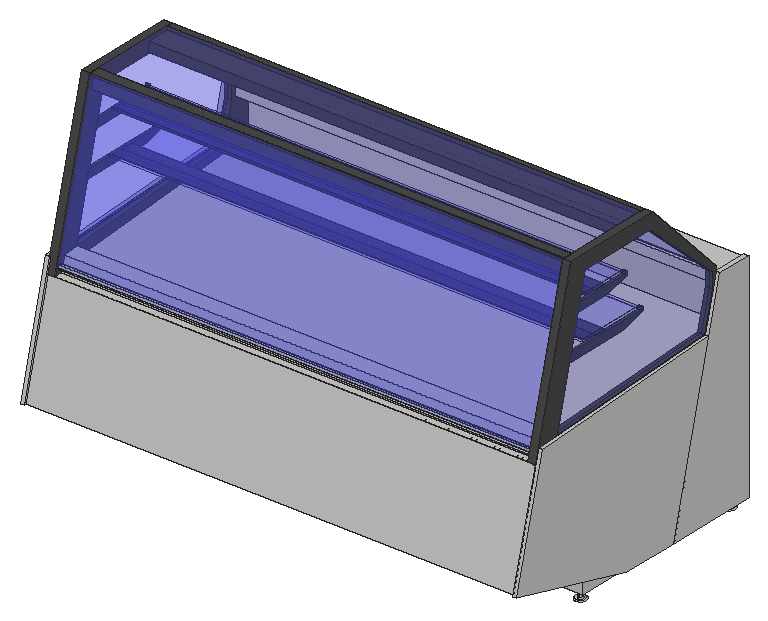
Revit family "Food-Service-Equipment_Oscartek_Mc2150-54H_cat", category Specialty Equipment, Revit 2026
Family settings
  Round Connector Dimension = Use Diameter
  Part Type = Normal
  Classification Number = 23.40.40.11.17
  Work Plane-Based = No
  Enable Cutting in Views = No
  Always vertical = Yes
  Cut with Voids When Loaded = No
  Maintain Annotation Orientation = No
  Shared = No
  Room Calculation Point = No
Parameters
  Width = 86 1/4"  # constant formula
  Weight in Pounds = 992
  Watts = 1490 W
  Waste Water Discharge Temperature [instance] = -459.67 °F
  Volts = 230 V
  URL Cutsheet = "www.oscartek.com"
  URL = "www.oscartek.com"
  Type Mark [instance] = ""
  Type Comments = "As Specified"
  Test Data = "http://www.oscartek.com/company/clients.php"
  Status [instance] = ""
  Specification by User [instance] = ""
  Specification by Manufacturer = ""
  Specification = "https://www.arcat.com/arcatcos/cos48/arc48760.html"
  Show Clearance [instance] = yes
  Serial Number = ""
  Seismic Rating = ""
  Sales Information = "http://www.oscartek.com/company/contact.php"
  SMACNA No = ""
  Revision Code [instance] = ""
  Revision = "R1_2018-10"
  Refrigerant Type [instance] = "R404A"
  Product Data = "http://www.oscartek.com/support/manuals/"
  Plumbing Remarks [instance] = ""
  Plumbing Connection Type [instance] = ""
  Phase = 1
  Omniclass Number and Title = ""
  Number of Poles [instance] = 1
  NAFEM Spec ID Number = ""
  Model = "MC2150-54H"
  Min Ckt Ampacity = 0 A
  Max Overcurrent Protection = 0 A
  Masterspec = ""
  Manufacturer Website = "http://www.oscartek.com/index.php"
  Manufacturer Phone - Toll Free = "855-885-2400"
  Manufacturer Phone = "650-342-2400"
  Manufacturer Fax = "650-342-7400"
  Manufacturer Address = "361 Beach Rd., Burlingame, CA 94010"
  Manufacturer = "OSCARTEK"
  Light Length = Width - 4"  # 82 1/4"
  Item Number [instance] = ""
  Installed By [instance] = ""
  Installation-Fabrication = "http://www.oscartek.com/support/manuals/"
  Indirect Waste Size = 1"
  Indirect Waste Flow [instance] = 0 GPM
  Indirect Waste Connection Type [instance] = ""
  Indirect Waste Connection Height = 0"
  Identify Quantity as Lot [instance] = yes
  HP = ""
  Green Building-LEED = "https://www.arcat.com/green/green_building.shtml"
  Furnished By [instance] = ""
  Foodservice Equipment Identifier [instance] = yes
  FL Amps = 9 A
  Electrical Remarks [instance] = ""
  Electric Connection Type [instance] = ""
  Elec Conn RI Height [instance] = 0"
  Elec Conn Connection Height [instance] = 0"
  Drawn By = "Sumex Design, Inc. / Robert S. Weygant, CSI, CDT, SCIP"
  Description = "METRO CHOCOLATE SHOWCASES"
  Default Elevation = 0"
  Cycle = 50 Hz
  Copyright = "©Arcat Inc."
  Construction Details = "http://www.oscartek.com/support/manuals/"
  Conn Plug = ""
  Conn Conduit = yes
  Category = ""
  CSI MasterFormat = "11 41 13"
  CSI Master Format = "Refrigerated Food Storage Cases"
  Building Codes = "https://www.arcat.com/arcatcos/cos48/arc48760.html"
  Body Finish [instance] = QF_Finishes_Stainless Steel
  Apparent Power = if(Phase = 3, Volts * FL Amps * 1.73, Volts * FL Amps)  # 2070 VA
Reference planes (in)
  plane 1 "BACK": y = 0
  plane 2: z = 0
  plane 3 "LEFT": x = 0
  plane 4 "RIGHT": x = 86.25
  plane 5 "FRONT": y = -49.75
  plane 6 "TOP": z = 47.244
  plane 7 "Center Y": x = 43.125
  plane 8 "Center X": y = -24.875
  plane 9: z = 16.58116
  plane 10 "TOP A": z = 54.25
Forms (in)
  Extrusion 1, solid, material "QF_Finishes_Stainless Steel"
    sketch origin (0, 0, 0) x (0, 1, 0) y (0, 0, 1)
      loop
        line (0, 38.99735) -> (-6.11858, 38.99735) -> (-16.20729, 1.34458) -> (0, 1.34458) -> (0, 38.99735)
    from 0 to 0.75
  Extrusion 2, solid, material "QF_Finishes_Stainless Steel" <- "Body Finish"
    sketch origin (0, 0, 0) x (0, 1, 0) y (0, 0, 1)
      loop
        line (-16.20729, 1.34458) -> (-8.47608, 30.19876) -> (-44.60919, 28.40118) -> (-50.14888, 7.72841) -> (-26.3241, 1.34458) -> (-16.20729, 1.34458)
    from 0 to 0.75
  Extrusion 3, solid, material "QF_Finishes_Stainless Steel"
    sketch origin (0, 0, 0) x (0, 1, 0) y (0, 0, 1)
      loop
        line (-6.11858, 36.97167) -> (-3.33467, 36.97167) -> (-3.33467, 29.46826) -> (-40.27721, 26.71254) -> (-40.27721, 28.69467) -> (-43.12382, 28.54549) -> (-43.46341, 27.27811) -> (-44.46186, 27.54564) -> (-44.56375, 27.16536) -> (-44.71783, 27.20664) -> (-44.76921, 27.01488) -> (-43.61669, 26.70607) -> (-43.79819, 26.0287) -> (-45.19127, 26.0287) -> (-45.19127, 25.96965) -> (-44.72462, 25.96965) -> (-49.56669, 7.89882) -> (-43.6615, 7.89882) -> (-43.6615, 11.12322) -> (-41.92927, 11.12322) -> (-41.92927, 12.59823) -> (-34.97119, 12.59823) -> (-34.97119, 1.34458) -> (-0.94097, 1.34458) -> (-0.94097, 37.64529) -> (-0.24019, 37.64529) -> (-0.24019, 38.78269) -> (-6.11858, 38.78269) -> (-6.11858, 36.97167)
    from 0.75 to 85.5
  Extrusion 4, solid, material "QF_Finishes_Stainless Steel"
    sketch origin (86.25, 0, 0) x (0, 1, 0) y (0, 0, 1)
      loop
        line (0, 38.99735) -> (-6.11858, 38.99735) -> (-16.20729, 1.34458) -> (0, 1.34458) -> (0, 38.99735)
    from 0 to -0.75
  Extrusion 5, solid, material "QF_Finishes_Stainless Steel" <- "Body Finish"
    sketch origin (86.25, 0, 0) x (0, 1, 0) y (0, 0, 1)
      loop
        line (-16.20729, 1.34458) -> (-8.47608, 30.19876) -> (-44.60919, 28.40118) -> (-50.14888, 7.72841) -> (-26.3241, 1.34458) -> (-16.20729, 1.34458)
    from 0 to -0.75
  Extrusion 6, solid, material "QF_Finishes_Stainless Steel" <- "Body Finish"
    sketch origin (0, 0, 0) x (0, 1, 0) y (0, 0, 1)
      loop
        line (-49.56669, 7.89882) -> (-44.72462, 25.96965) -> (-45.13221, 25.96965) -> (-49.97428, 7.89882) -> (-49.56669, 7.89882)
    from 0.75 to 85.5
  Extrusion 7, solid, material "QF_Finishes_Black"
    sketch origin (0, 0, 0) x (0, 1, 0) y (0, 0, 1)
      loop
        line (-6.11858, 39.87548) -> (-19.88089, 54.33043) -> (-37.66092, 54.33043) -> (-45.24495, 26.0287) -> (-43.79819, 26.0287) -> (-43.68303, 26.45848) -> (-3.33467, 29.46826) -> (-3.33467, 36.97167) -> (-6.11858, 36.97167) -> (-6.11858, 39.87548)
      loop
        line (-34.48144, 51.732) -> (-40.68031, 28.59664) -> (-8.47608, 30.19876) -> (-6.77561, 36.54521) -> (-6.77561, 39.23428) -> (-20.32999, 51.732) -> (-34.48144, 51.732)
    from 0.75 to 2
  Extrusion 8, solid, material "QF_Finishes_Black"
    sketch origin (86.25, 0, 0) x (0, 1, 0) y (0, 0, 1)
      loop
        line (-37.66092, 54.33043) -> (-45.24495, 26.0287) -> (-43.79819, 26.0287) -> (-43.68303, 26.45848) -> (-3.33467, 29.46826) -> (-3.33467, 36.97167) -> (-6.11858, 36.97167) -> (-6.11858, 39.87548) -> (-19.88089, 54.33043) -> (-37.66092, 54.33043)
      loop
        line (-40.68031, 28.59664) -> (-8.47608, 30.19876) -> (-6.77561, 36.54521) -> (-6.77561, 39.23428) -> (-20.32999, 51.732) -> (-34.48144, 51.732) -> (-40.68031, 28.59664)
    from -0.75 to -2
  Extrusion 9, solid, material "Glass"
    sketch origin (0, 0, 0) x (0, 1, 0) y (0, 0, 1)
      loop
        line (-20.32999, 51.732) -> (-34.48144, 51.732) -> (-40.68031, 28.59664) -> (-8.47608, 30.19876) -> (-6.77561, 36.54521) -> (-6.77561, 39.23428) -> (-20.32999, 51.732)
    from 0.75 to 1.25
  Extrusion 10, solid, material "Glass"
    sketch origin (86.25, 0, 0) x (0, 1, 0) y (0, 0, 1)
      loop
        line (-40.68031, 28.59664) -> (-8.47608, 30.19876) -> (-6.77561, 36.54521) -> (-6.77561, 39.23428) -> (-20.32999, 51.732) -> (-34.48144, 51.732) -> (-40.68031, 28.59664)
    from -0.75 to -1.25
  Extrusion 11, solid, material "Glass"
    sketch origin (0, 0, 0) x (0, 1, 0) y (0, 0, 1)
      loop
        line (-21.34289, 39.8194) -> (-33.35074, 39.8194) -> (-33.35074, 39.4257) -> (-21.34289, 39.4257) -> (-21.34289, 39.8194)
      loop
        line (-24.75496, 46.87333) -> (-32.82581, 46.87333) -> (-32.82581, 46.47963) -> (-24.75496, 46.47963) -> (-24.75496, 46.87333)
      loop
        line (-20.83887, 54.33043) -> (-35.85117, 54.33043) -> (-35.85117, 53.70051) -> (-20.83887, 53.70051) -> (-20.83887, 54.33043)
    from 2 to 84.25
  Extrusion 12, solid, material "QF_Finishes_Black"
    sketch origin (0, 0, 0) x (0, 1, 0) y (0, 0, 1)
      loop
        line (-35.85117, 54.33043) -> (-37.47059, 54.33043) -> (-37.47059, 54.24423) -> (-37.31847, 54.20347) -> (-37.42037, 53.82319) -> (-36.81191, 53.66015) -> (-37.32857, 51.732) -> (-35.85117, 51.732) -> (-35.85117, 54.33043)
      loop
        line (-19.65041, 51.53515) -> (-19.24845, 51.38885) -> (-19.07286, 51.86917) -> (-18.80252, 51.77077) -> (-18.80252, 53.19779) -> (-19.88089, 54.33043) -> (-20.83887, 54.33043) -> (-20.83887, 53.70051) -> (-24.87781, 53.70051) -> (-24.87781, 52.01939) -> (-24.28317, 52.01939) -> (-24.28317, 53.21958) -> (-21.78317, 53.21958) -> (-21.78317, 51.53515) -> (-19.65041, 51.53515)
      loop
        line (-30.59593, 45.04119) -> (-30.25631, 45.04119) -> (-30.25631, 46.07018) -> (-28.91393, 46.07018) -> (-28.91393, 45.04119) -> (-28.59593, 45.04119) -> (-28.59593, 46.47175) -> (-30.59593, 46.47175) -> (-30.59593, 45.04119)
      loop
        line (-30.59593, 37.98727) -> (-30.25631, 37.98727) -> (-30.25631, 39.01626) -> (-28.91393, 39.01626) -> (-28.91393, 37.98727) -> (-28.59593, 37.98727) -> (-28.59593, 39.41783) -> (-30.59593, 39.41783) -> (-30.59593, 37.98727)
    from 2 to 84.25
  Extrusion 13, solid, material "Glass"
    sketch origin (0, 0, 0) x (0, 1, 0) y (0, 0, 1)
      loop
        line (-20.01756, 51.65814) -> (-20.12431, 51.54236) -> (-6.28584, 38.78269) -> (-6.17909, 38.89846) -> (-20.01756, 51.65814)
    from 2 to 43.75
  Extrusion 14, solid, material "Glass"
    sketch origin (86.25, 0, 0) x (0, 1, 0) y (0, 0, 1)
      loop
        line (-19.74294, 52.4357) -> (-19.85197, 52.32207) -> (-5.74226, 38.78269) -> (-5.63322, 38.89631) -> (-19.74294, 52.4357)
    from -2 to -43.75
  Extrusion 15, solid, material "Glass"
    sketch origin (0, 0, 0) x (0, 1, 0) y (0, 0, 1)
      loop
        line (-44.56376, 27.16536) -> (-37.31835, 54.20344) -> (-37.47048, 54.2442) -> (-44.71588, 27.20613) -> (-44.56376, 27.16536)
      loop
        line (-37.04009, 53.72129) -> (-44.08133, 27.44368) -> (-43.85309, 27.38253) -> (-36.81191, 53.66015) -> (-37.04009, 53.72129)
    from 2 to 84.25
  Revolve 16, solid, material "QF_Finishes_Stainless Steel"
    sketch origin (1.75, 0, 0) x (0, 1, 0) y (0, 0, 1)
      loop
        line (-34.20072, 1.34458) -> (-34.39757, 1.34458) -> (-34.39757, 0.3937) -> (-34.57473, 0.3937) -> (-34.57473, 0.22604) -> (-35.11484, 0.22604) -> (-35.16472, 0.11907) -> (-34.90938, 0) -> (-34.20072, 0) -> (-34.20072, 1.34458)
      axis (-34.20072, 0) -> (-34.20072, 1.34458)
    angle from 0 to 360
  Revolve 17, solid, material "QF_Finishes_Stainless Steel"
    sketch origin (1.75, 32.2834, 0) x (0, 1, 0) y (0, 0, 1)
      loop
        line (-34.20072, 1.34458) -> (-34.39757, 1.34458) -> (-34.39757, 0.3937) -> (-34.57473, 0.3937) -> (-34.57473, 0.22604) -> (-35.11484, 0.22604) -> (-35.16472, 0.11907) -> (-34.90938, 0) -> (-34.20072, 0) -> (-34.20072, 1.34458)
      axis (-34.20072, 0) -> (-34.20072, 1.34458)
    angle from 0 to 360
  Revolve 18, solid, material "QF_Finishes_Stainless Steel"
    sketch origin (84.5, 0, 0) x (0, 1, 0) y (0, 0, -1)
      loop
        line (-34.20072, -1.34458) -> (-34.20072, 0) -> (-34.90938, 0) -> (-35.16472, -0.11907) -> (-35.11484, -0.22604) -> (-34.57473, -0.22604) -> (-34.57473, -0.3937) -> (-34.39757, -0.3937) -> (-34.39757, -1.34458) -> (-34.20072, -1.34458)
      axis (-34.20072, 0) -> (-34.20072, -1.34458)
    angle from 0 to 360
  Revolve 19, solid, material "QF_Finishes_Stainless Steel"
    sketch origin (84.5, 32.2834, 0) x (0, 1, 0) y (0, 0, -1)
      loop
        line (-34.20072, -1.34458) -> (-34.20072, 0) -> (-34.90938, 0) -> (-35.16472, -0.11907) -> (-35.11484, -0.22604) -> (-34.57473, -0.22604) -> (-34.57473, -0.3937) -> (-34.39757, -0.3937) -> (-34.39757, -1.34458) -> (-34.20072, -1.34458)
      axis (-34.20072, 0) -> (-34.20072, -1.34458)
    angle from 0 to 360
  Extrusion 20, solid, material "QF_Finishes_Black"
    sketch origin (0, -0.94097, 37.64529) x (0, 0, -1) y (-1, 0, 0)
      loop
        line (24.06836, -68.875) -> (34.06836, -68.875) -> (34.06836, -66.875) -> (24.06836, -66.875) -> (24.06836, -68.875)
      loop
        line (24.06836, -66.375) -> (34.06836, -66.375) -> (34.06836, -64.375) -> (24.06836, -64.375) -> (24.06836, -66.375)
      loop
        line (24.06836, -63.875) -> (34.06836, -63.875) -> (34.06836, -61.875) -> (24.06836, -61.875) -> (24.06836, -63.875)
      loop
        line (24.06836, -61.375) -> (34.06836, -61.375) -> (34.06836, -59.375) -> (24.06836, -59.375) -> (24.06836, -61.375)
      loop
        line (24.06836, -58.875) -> (34.06836, -58.875) -> (34.06836, -56.875) -> (24.06836, -56.875) -> (24.06836, -58.875)
    from 0 to 0.0625
  Extrusion 21, solid, material "QF_Finishes_Stainless Steel"
    sketch origin (0, -0.94097, 37.64529) x (0, 0, -1) y (-1, 0, 0)
      loop
        line (21.06413, -16.50309) -> (21.06413, -6.50309) -> (19.06413, -6.50309) -> (19.06413, -16.50309) -> (21.06413, -16.50309)
      loop
        circle (33.56923, -4.17707) r 0.5
    from 0 to 0.5
  Extrusion 22, solid, material "QF_Finishes_Stainless Steel"
    sketch origin (0, -0.44097, 37.64529) x (0, 0, -1) y (-1, 0, 0)
      loop
        circle (20.02108, -14.99123) r 0.5
    from 0 to 0.5
  Extrusion 23, solid, material "QF_Finishes_Door Clearance", visible <- "Show Clearance", detail levels coarse
    sketch origin (0, 0, 0) x (0, 1, 0) y (0, 0, 1)
      loop
        line (-37.47048, 54.2442) -> (-64.50867, 61.48918)
        arc (-64.50867, 61.48918) -> (-61.71245, 40.24848) -> (-44.71588, 27.20613) r 27.99203
        line (-44.71588, 27.20613) -> (-37.47048, 54.2442)
    from 2 to 84.25
  Extrusion 24, solid, material "QF_Finishes_Stainless Steel"
    sketch origin (0, 0, 0) x (1, 0, 0) y (0, 1, 0)
      loop
        circle (6.25983, -40.53389) r 0.64961
      loop
        circle (80.01173, -40.53389) r 0.64961
    from 20 to 22
  Extrusion 25, solid, material "QF_Finishes_Black"
    sketch origin (0, 0, 0) x (0, 1, 0) y (0, 0, 1)
      loop
        line (-38.16199, 37.99514) -> (-25.14375, 37.99514) -> (-21.06729, 39.08742) -> (-21.06729, 39.78003) -> (-21.1854, 39.89814) -> (-21.30351, 39.89814) -> (-21.30351, 39.41782) -> (-37.78079, 39.41783) -> (-38.16199, 37.99514)
      loop
        line (-28.58967, 45.04907) -> (-24.51322, 46.14135) -> (-24.51322, 46.83395) -> (-24.63133, 46.95206) -> (-24.74944, 46.95206) -> (-24.74944, 46.47175) -> (-35.89069, 46.47175) -> (-36.2719, 45.04907) -> (-28.58967, 45.04907)
    from 1.5 to 2
  Extrusion 26, solid, material "QF_Finishes_Black"
    sketch origin (86.25, 0, 0) x (0, 1, 0) y (0, 0, 1)
      loop
        line (-38.16199, 37.99514) -> (-25.14374, 37.99514) -> (-21.06729, 39.08742) -> (-21.06729, 39.78003) -> (-21.1854, 39.89814) -> (-21.30351, 39.89814) -> (-21.30351, 39.41782) -> (-37.78079, 39.41783) -> (-38.16199, 37.99514)
      loop
        line (-28.58967, 45.04907) -> (-24.51322, 46.14135) -> (-24.51322, 46.83395) -> (-24.63133, 46.95206) -> (-24.74944, 46.95206) -> (-24.74944, 46.47175) -> (-35.89069, 46.47175) -> (-36.2719, 45.04907) -> (-28.58967, 45.04907)
    from -1.5 to -2
Lines and regions (in)
  Split face 1
    outline origin (0, -0.44097, 37.64529) x (0, 0, -1) y (-1, 0, 0)
      loop
        line (19.50048, -13.21913) -> (20.50048, -13.21913) -> (20.50048, -9.21913) -> (19.50048, -9.21913) -> (19.50048, -13.21913)
  symbolic lines
    curve 1: line (0, 0, 0) -> (0, -50.14888, 0)
    curve 2: line (86.25, -50.14888, 0) -> (86.25, 0, 0)
    curve 3: line (85.5, -49.97428, 0) -> (0.75, -49.97428, 0)
    curve 4: line (0.75, -50.14888, 0) -> (0.75, 0, 0)
    curve 5: line (85.5, 0, 0) -> (85.5, -50.14888, 0)
    curve 6: line (86.25, 0, 0) -> (85.5, 0, 0)
    curve 7: line (85.5, -0.24019, 0) -> (0.75, -0.24019, 0)
    curve 8: line (0.75, 0, 0) -> (0, 0, 0)
    curve 9: line (0, -50.14888, 0) -> (0.75, -50.14888, 0)
    curve 10: line (85.5, -50.14888, 0) -> (86.25, -50.14888, 0)
    curve 11: line (85.5, -44.60919, 0) -> (86.25, -44.60919, 0)
    curve 12: line (0, -44.60919, 0) -> (0.75, -44.60919, 0)
    curve 13: line (2, -6.11858, 0) -> (0.75, -6.11858, 0)
    curve 14: line (85.5, -6.11858, 0) -> (84.25, -6.11858, 0)
    curve 15: line (42.5, -5.63322, 0) -> (84.25, -5.63322, 0)
    curve 16: line (84.25, -5.63322, 0) -> (84.25, -45.24495, 0)
    curve 17: line (2, -45.24495, 0) -> (2, -6.00006, 0)
    curve 18: line (85.5, -45.24495, 0) -> (84.25, -45.24495, 0)
    curve 19: line (0.75, -45.24495, 0) -> (2, -45.24495, 0)
    curve 20: line (2, -6.00006, 0) -> (42.5, -6.00006, 0)
    curve 43: line (2, -44.76921, 0) -> (84.25, -44.76921, 0)
    curve 44: line (2, -37.47059, 0) -> (84.25, -37.47059, 0)
    curve 45: line (84.25, -35.85117, 0) -> (2, -35.85117, 0)
    curve 46: line (2, -20.83887, 0) -> (84.25, -20.83887, 0)
    curve 47: line (0.75, -19.88089, 0) -> (85.5, -19.88089, 0)
    curve 48: line (84.25, -18.80252, 0) -> (2, -18.80252, 0)
    curve 49: line (42.5, -5.63322, 0) -> (42.5, -18.80252, 0)
  symbolic lines, style "QF-Surface Details"
    curve 21: line (10.04128, -13.30428, 0) -> (13.22326, -10.1223, 0)
    curve 22: line (9.71081, -14.74496, 0) -> (14.66056, -9.79521, 0)
    curve 23: line (11.30349, -14.56649, 0) -> (14.66225, -11.20773, 0)
    curve 24: line (10.04128, -29.05428, 0) -> (13.22326, -25.8723, 0)
    curve 25: line (9.71081, -30.49496, 0) -> (14.66056, -25.54521, 0)
    curve 26: line (11.29417, -30.32581, 0) -> (14.66225, -26.95773, 0)
    curve 27: line (51.79128, -13.30428, 0) -> (54.97326, -10.1223, 0)
    curve 28: line (51.46081, -14.74496, 0) -> (56.41056, -9.79521, 0)
    curve 29: line (53.05349, -14.56649, 0) -> (56.41225, -11.20773, 0)
    curve 30: line (51.79128, -29.05428, 0) -> (54.97326, -25.8723, 0)
    curve 31: line (51.46081, -30.49496, 0) -> (56.41056, -25.54521, 0)
    curve 32: line (53.04417, -30.32581, 0) -> (56.41225, -26.95773, 0)
    curve 33: line (10.04128, -42.07698, 0) -> (13.22326, -38.895, 0)
    curve 34: line (9.71081, -43.51766, 0) -> (14.66056, -38.56791, 0)
    curve 35: line (11.30349, -43.33919, 0) -> (14.66225, -39.98043, 0)
    curve 36: line (51.79128, -42.07698, 0) -> (54.97326, -38.895, 0)
    curve 37: line (51.46081, -43.51766, 0) -> (56.41056, -38.56791, 0)
    curve 38: line (53.05349, -43.33919, 0) -> (56.41225, -39.98043, 0)
  symbolic lines, style "QF-Door Swings"
    curve 39: line (84.25, -64.50867, 0) -> (2, -64.50867, 0)
    curve 40: line (84.25, -64.50867, 0) -> (84.25, -49.97428, 0)
    curve 41: line (2, -49.97428, 0) -> (2, -64.50867, 0)
  symbolic lines, style "SpecialityEquipment"
    curve 42: line (2, -45.19127, 0) -> (84.25, -45.19127, 0)
Dimensions and locks (in)
  equal spacing: plane 3 "LEFT", plane 7 "Center Y", plane 4 "RIGHT"
  "Width": plane 3 "LEFT" to plane 4 "RIGHT"
  equal spacing: plane 5 "FRONT", plane 8 "Center X", plane 1 "BACK"
  plane 5 "FRONT" to plane 1 "BACK" = 49 3/4"
  locked: plane 4 "RIGHT" to Extrusion 3 at 0.75
  plane 4 "RIGHT" to plane 3 "LEFT" = 86 1/4"
  locked: plane 4 "RIGHT" to Extrusion 12 at 2
  Extrusion 14 to plane 7 "Center Y" to Extrusion 13 = 5/8" locked, 5/8" locked
  locked: Revolve 19 to plane 4 "RIGHT" at 1.75
  locked: Revolve 18 to plane 4 "RIGHT" at 1.75
  plane 10 "TOP A" to level = 54 1/4"  (x2)
  locked: Extrusion 24 sketch curve to plane 4 "RIGHT" at 6.23827
  aligned and locked: level to plane 2
  aligned and locked: Extrusion 3 to Extrusion 6
  aligned and locked: Extrusion 12 to Extrusion 11
  aligned and locked: Extrusion 12 to Extrusion 15
  aligned and locked: Extrusion 15 to Extrusion 23
  aligned and locked: plane 7 "Center Y" to nested 1
  aligned and locked: plane 7 "Center Y" to nested 2
  aligned and locked: plane 7 "Center Y" to nested 3
Automatic sketch dimensions
  Extrusion 1 sketch curve to plane 1 "BACK" = 0"
  plane 1 "BACK" to Extrusion 1 sketch curve = 6.11858"
  level to Extrusion 1 sketch curve = 1.34458"
  plane 8 "Center X" to Extrusion 1 sketch curve = 8.66771"
  Extrusion 1 sketch curve to plane 6 "TOP" = 8.24666"
  plane 5 "FRONT" to Extrusion 2 sketch curve = 0.39888"
  Extrusion 2 sketch curve to plane 5 "FRONT" = 5.14081"
  Extrusion 2 sketch curve to plane 8 "Center X" = 1.4491"
  level to Extrusion 2 sketch curve = 1.34458"
  plane 8 "Center X" to Extrusion 2 sketch curve = 8.66771"
  plane 1 "BACK" to Extrusion 2 sketch curve = 8.47608"
  level to Extrusion 2 sketch curve = 7.72841"
  plane 9 to Extrusion 2 sketch curve = 11.82003"
  plane 9 to Extrusion 2 sketch curve = 13.61761"
  Extrusion 3 sketch curve to plane 5 "FRONT" = 0.18331"
  Extrusion 3 sketch curve to plane 5 "FRONT" = 4.55873"
  Extrusion 3 sketch curve to Extrusion 3 sketch curve = 0.42206"
  Extrusion 3 sketch curve to Extrusion 3 sketch curve = 0.46664"
  Extrusion 3 sketch curve to Extrusion 3 sketch curve = 0.05138"
  Extrusion 3 sketch curve to Extrusion 3 sketch curve = 0.15408"
  Extrusion 3 sketch curve to Extrusion 3 sketch curve = 0.1019"
  Extrusion 3 sketch curve to Extrusion 3 sketch curve = 0.92643"
  Extrusion 3 sketch curve to plane 5 "FRONT" = 6.0885"
  Extrusion 3 sketch curve to Extrusion 3 sketch curve = 0.1815"
  Extrusion 3 sketch curve to Extrusion 3 sketch curve = 0.15328"
  Extrusion 3 sketch curve to Extrusion 3 sketch curve = 0.33959"
  Extrusion 3 sketch curve to Extrusion 3 sketch curve = 1.73224"
  Extrusion 3 sketch curve to Extrusion 3 sketch curve = 3.18621"
  Extrusion 3 sketch curve to Extrusion 3 sketch curve = 6.95807"
  plane 1 "BACK" to Extrusion 3 sketch curve = 6.11858"
  Extrusion 3 sketch curve to Extrusion 3 sketch curve = 2.78391"
  plane 1 "BACK" to Extrusion 3 sketch curve = 0.94097"
  plane 1 "BACK" to Extrusion 3 sketch curve = 0.24019"
  level to Extrusion 3 sketch curve = 1.34458"
  level to Extrusion 3 sketch curve = 7.89882"
  Extrusion 3 sketch curve to Extrusion 3 sketch curve = 3.2244"
  Extrusion 3 sketch curve to plane 9 = 3.98293"
  plane 9 to Extrusion 3 sketch curve = 9.38849"
  Extrusion 3 sketch curve to Extrusion 3 sketch curve = 0.05905"
  Extrusion 3 sketch curve to Extrusion 3 sketch curve = 0.67737"
  Extrusion 3 sketch curve to Extrusion 3 sketch curve = 0.56558"
  Extrusion 3 sketch curve to Extrusion 3 sketch curve = 1.98214"
  plane 9 to Extrusion 3 sketch curve = 12.8871"
  Extrusion 3 sketch curve to Extrusion 3 sketch curve = 7.50341"
  Extrusion 3 sketch curve to Extrusion 3 sketch curve = 0.67362"
  Extrusion 3 sketch curve to Extrusion 3 sketch curve = 1.81102"
  Extrusion 4 sketch curve to plane 1 "BACK" = 0"
  plane 1 "BACK" to Extrusion 4 sketch curve = 6.11858"
  level to Extrusion 4 sketch curve = 1.34458"
  plane 8 "Center X" to Extrusion 4 sketch curve = 8.66771"
  Extrusion 4 sketch curve to plane 6 "TOP" = 8.24666"
  plane 5 "FRONT" to Extrusion 5 sketch curve = 0.39888"
  Extrusion 5 sketch curve to plane 5 "FRONT" = 5.14081"
  Extrusion 5 sketch curve to plane 8 "Center X" = 1.4491"
  level to Extrusion 5 sketch curve = 1.34458"
  plane 8 "Center X" to Extrusion 5 sketch curve = 8.66771"
  plane 1 "BACK" to Extrusion 5 sketch curve = 8.47608"
  level to Extrusion 5 sketch curve = 7.72841"
  plane 9 to Extrusion 5 sketch curve = 11.82003"
  plane 9 to Extrusion 5 sketch curve = 13.61761"
  plane 5 "FRONT" to Extrusion 6 sketch curve = 0.22428"
  Extrusion 6 sketch curve to plane 5 "FRONT" = 0.18331"
  Extrusion 6 sketch curve to plane 5 "FRONT" = 4.61779"
  Extrusion 6 sketch curve to Extrusion 6 sketch curve = 0.40759"
  level to Extrusion 6 sketch curve = 7.89882"
  plane 9 to Extrusion 6 sketch curve = 9.38849"
  Extrusion 15 sketch curve to plane 5 "FRONT" = 5.03412"
  Extrusion 15 sketch curve to Extrusion 15 sketch curve = 0.15212"  (x2)
  Extrusion 15 sketch curve to Extrusion 15 sketch curve = 0.48243"
  Extrusion 15 sketch curve to Extrusion 15 sketch curve = 0.22823"
  plane 6 "TOP" to Extrusion 15 sketch curve = 7.0002"
  Extrusion 15 sketch curve to plane 5 "FRONT" = 12.27952"
  plane 6 "TOP" to Extrusion 15 sketch curve = 6.95944"
  plane 6 "TOP" to Extrusion 15 sketch curve = 6.47729"
  Extrusion 15 sketch curve to Extrusion 15 sketch curve = 0.27827"
  plane 6 "TOP" to Extrusion 15 sketch curve = 6.41615"
  Extrusion 15 sketch curve to Extrusion 15 sketch curve = 0.22817"
  plane 9 to Extrusion 15 sketch curve = 10.86253"
  Extrusion 15 sketch curve to Extrusion 15 sketch curve = 0.06116"
  Extrusion 15 sketch curve to Extrusion 15 sketch curve = 0.23756"
  Extrusion 15 sketch curve to Extrusion 15 sketch curve = 0.04076"
  Revolve 16 sketch curve to level = 0"
  level to Revolve 16 sketch curve = 0.11907"
  Revolve 16 sketch curve to plane 8 "Center X" = 10.28972"
  level to Revolve 16 sketch curve = 0.22604"
  Revolve 16 sketch curve to Revolve 16 sketch curve = 0.04988"
  Revolve 16 sketch curve to Revolve 16 sketch curve = 0.33464"
  Revolve 16 sketch curve to Revolve 16 sketch curve = 0.17717"
  Revolve 16 sketch curve to Revolve 16 sketch curve = 0.37401"
  Revolve 16 sketch curve to Revolve 16 sketch curve = 0"  (x2)
  Revolve 16 sketch curve to Revolve 16 sketch curve = 0.16766"
  Revolve 16 sketch curve to Revolve 16 sketch curve = 0.95088"
  Revolve 16 sketch curve to Revolve 16 sketch curve = 0.20515"
  Revolve 17 sketch curve to level = 0"
  level to Revolve 17 sketch curve = 0.11907"
  plane 1 "BACK" to Revolve 17 sketch curve = 2.88132"
  level to Revolve 17 sketch curve = 0.22604"
  Revolve 17 sketch curve to Revolve 17 sketch curve = 0.04988"
  Revolve 17 sketch curve to Revolve 17 sketch curve = 0.33464"
  Revolve 17 sketch curve to Revolve 17 sketch curve = 0.17717"
  Revolve 17 sketch curve to Revolve 17 sketch curve = 0.37401"
  Revolve 17 sketch curve to Revolve 17 sketch curve = 0"  (x2)
  Revolve 17 sketch curve to Revolve 17 sketch curve = 0.16766"
  Revolve 17 sketch curve to Revolve 17 sketch curve = 0.95088"
  Revolve 17 sketch curve to Revolve 17 sketch curve = 0.20515"
  Revolve 18 sketch curve to level = 0"
  level to Revolve 18 sketch curve = 0.11907"
  Revolve 18 sketch curve to plane 8 "Center X" = 10.28972"
  level to Revolve 18 sketch curve = 0.22604"
  Revolve 18 sketch curve to Revolve 18 sketch curve = 0.04988"
  Revolve 18 sketch curve to Revolve 18 sketch curve = 0.33464"
  Revolve 18 sketch curve to Revolve 18 sketch curve = 0.17717"
  Revolve 18 sketch curve to Revolve 18 sketch curve = 0.37401"
  Revolve 18 sketch curve to Revolve 18 sketch curve = 0"  (x2)
  Revolve 18 sketch curve to Revolve 18 sketch curve = 0.16766"
  Revolve 18 sketch curve to Revolve 18 sketch curve = 0.95088"
  Revolve 18 sketch curve to Revolve 18 sketch curve = 0.20515"
  Revolve 19 sketch curve to level = 0"
  level to Revolve 19 sketch curve = 0.11907"
  plane 1 "BACK" to Revolve 19 sketch curve = 2.88132"
  level to Revolve 19 sketch curve = 0.22604"
  Revolve 19 sketch curve to Revolve 19 sketch curve = 0.04988"
  Revolve 19 sketch curve to Revolve 19 sketch curve = 0.33464"
  Revolve 19 sketch curve to Revolve 19 sketch curve = 0.17717"
  Revolve 19 sketch curve to Revolve 19 sketch curve = 0.37401"
  Revolve 19 sketch curve to Revolve 19 sketch curve = 0"  (x2)
  Revolve 19 sketch curve to Revolve 19 sketch curve = 0.16766"
  Revolve 19 sketch curve to Revolve 19 sketch curve = 0.95088"
  Revolve 19 sketch curve to Revolve 19 sketch curve = 0.20515"
  Extrusion 25 sketch curve to plane 5 "FRONT" = 11.58801"
  Extrusion 25 sketch curve to Extrusion 25 sketch curve = 0.38121"  (x2)
  Extrusion 25 sketch curve to plane 8 "Center X" = 0.26875"
  plane 8 "Center X" to Extrusion 25 sketch curve = 3.57149"
  Extrusion 25 sketch curve to Extrusion 25 sketch curve = 0.11811"  (x6)
  Extrusion 25 sketch curve to Extrusion 25 sketch curve = 0.23622"
  Extrusion 25 sketch curve to plane 6 "TOP" = 9.24887"
  Extrusion 25 sketch curve to Extrusion 25 sketch curve = 0"
  Extrusion 25 sketch curve to Extrusion 25 sketch curve = 1.09228"
  Extrusion 25 sketch curve to Extrusion 25 sketch curve = 0.33041"  (x2)
  Extrusion 25 sketch curve to Extrusion 25 sketch curve = 1.42268"
  Extrusion 25 sketch curve to Extrusion 25 sketch curve = 0.3622"
  Extrusion 26 sketch curve to plane 5 "FRONT" = 11.58801"
  Extrusion 26 sketch curve to Extrusion 26 sketch curve = 0.38121"  (x2)
  Extrusion 26 sketch curve to plane 8 "Center X" = 0.26874"
  plane 8 "Center X" to Extrusion 26 sketch curve = 3.57149"
  Extrusion 26 sketch curve to Extrusion 26 sketch curve = 0.11811"  (x6)
  Extrusion 26 sketch curve to Extrusion 26 sketch curve = 0.23622"
  Extrusion 26 sketch curve to plane 6 "TOP" = 9.24887"
  Extrusion 26 sketch curve to Extrusion 26 sketch curve = 0"
  Extrusion 26 sketch curve to Extrusion 26 sketch curve = 1.09228"
  Extrusion 26 sketch curve to Extrusion 26 sketch curve = 0.33041"  (x2)
  Extrusion 26 sketch curve to Extrusion 26 sketch curve = 1.42268"
  Extrusion 26 sketch curve to Extrusion 26 sketch curve = 0.3622"
  Extrusion 3 to Extrusion 20 sketch curve = 12.23234"
  Extrusion 20 sketch curve to Extrusion 20 sketch curve = 0"  (x8)
  Extrusion 3 to Extrusion 20 sketch curve = 2.23234"
  Extrusion 3 to Extrusion 20 sketch curve = 16 5/8"
  Extrusion 20 sketch curve to Extrusion 20 sketch curve = 2"  (x5)
  Extrusion 20 sketch curve to Extrusion 20 sketch curve = 1/2"  (x4)
  Extrusion 3 to Extrusion 21 sketch curve = 5.75309"
  Extrusion 3 to Extrusion 21 sketch curve = 17.23657"
  Extrusion 21 sketch curve to Extrusion 21 sketch curve = 2"
  Extrusion 3 to Extrusion 21 sketch curve = 2.73148"
  Extrusion 21 sketch curve to Extrusion 21 sketch curve = 10"
  Extrusion 3 to Extrusion 21 sketch curve = 3.42707"
  Extrusion 22 sketch curve to Extrusion 21 = 0.95695"
  Extrusion 22 sketch curve to Extrusion 21 = 1.51186"
  Split face 1 sketch curve to Extrusion 21 = 0.43635"
  Split face 1 sketch curve to Extrusion 21 = 0.56365"
  Split face 1 sketch curve to Extrusion 21 = 3.28396"
  Split face 1 sketch curve to Extrusion 21 = 2.71604"
  Extrusion 8 sketch curve to plane 5 "FRONT" = 4.50505"
  Extrusion 8 sketch curve to Extrusion 8 sketch curve = 1.44676"
  Extrusion 8 sketch curve to Extrusion 8 sketch curve = 0.11516"
  Extrusion 8 sketch curve to Extrusion 8 sketch curve = 3.00272"
  Extrusion 8 sketch curve to plane 5 "FRONT" = 12.08908"
  plane 6 "TOP" to Extrusion 8 sketch curve = 4.488"
  Extrusion 8 sketch curve to Extrusion 8 sketch curve = 3.17949"
  plane 8 "Center X" to Extrusion 8 sketch curve = 4.54501"
  Extrusion 8 sketch curve to plane 6 "TOP" = 8.00973"
  plane 1 "BACK" to Extrusion 8 sketch curve = 6.77561"
  Extrusion 8 sketch curve to Extrusion 8 sketch curve = 1.70047"
  Extrusion 8 sketch curve to Extrusion 8 sketch curve = 0.65703"
  Extrusion 8 sketch curve to Extrusion 8 sketch curve = 2.78391"
  Extrusion 8 sketch curve to Extrusion 8 sketch curve = 0.64121"
  Extrusion 8 sketch curve to Extrusion 8 sketch curve = 2.26261"
  Extrusion 8 sketch curve to Extrusion 8 sketch curve = 0.42646"
  Extrusion 8 sketch curve to Extrusion 8 sketch curve = 6.34644"
  Extrusion 8 sketch curve to Extrusion 8 sketch curve = 0.73051"
  plane 9 to Extrusion 8 sketch curve = 12.01548"
  Extrusion 8 sketch curve to Extrusion 8 sketch curve = 2.13816"
  Extrusion 8 sketch curve to Extrusion 8 sketch curve = 0.42978"
  Extrusion 8 sketch curve to Extrusion 8 sketch curve = 2.59842"
  Extrusion 8 sketch curve to Extrusion 8 sketch curve = 0.4491"
  Extrusion 7 sketch curve to plane 5 "FRONT" = 4.50505"
  Extrusion 7 sketch curve to Extrusion 7 sketch curve = 1.44676"
  Extrusion 7 sketch curve to Extrusion 7 sketch curve = 0.11516"
  Extrusion 7 sketch curve to plane 5 "FRONT" = 12.08908"
  plane 8 "Center X" to Extrusion 7 sketch curve = 4.99411"
  plane 1 "BACK" to Extrusion 7 sketch curve = 6.11858"
  plane 1 "BACK" to Extrusion 7 sketch curve = 3.33467"
  plane 9 to Extrusion 7 sketch curve = 9.44754"
  Extrusion 7 sketch curve to Extrusion 7 sketch curve = 0.42978"
  plane 9 to Extrusion 7 sketch curve = 12.8871"
  Extrusion 7 sketch curve to Extrusion 7 sketch curve = 7.50341"
  Extrusion 7 sketch curve to Extrusion 7 sketch curve = 2.90382"
  plane 6 "TOP" to Extrusion 7 sketch curve = 7.08642"
  Extrusion 7 sketch curve to Extrusion 7 sketch curve = 3.00272"
  Extrusion 7 sketch curve to Extrusion 7 sketch curve = 3.17949"
  Extrusion 7 sketch curve to Extrusion 7 sketch curve = 0.4491"
  Extrusion 7 sketch curve to Extrusion 7 sketch curve = 5.14141"
  Extrusion 7 sketch curve to Extrusion 7 sketch curve = 0.65703"
  Extrusion 7 sketch curve to Extrusion 7 sketch curve = 2.13816"
  Extrusion 7 sketch curve to Extrusion 7 sketch curve = 0.73051"
  Extrusion 7 sketch curve to Extrusion 7 sketch curve = 0.42646"
  Extrusion 7 sketch curve to Extrusion 7 sketch curve = 0.64121"
  Extrusion 7 sketch curve to Extrusion 7 sketch curve = 2.59842"
  Extrusion 10 sketch curve to plane 5 "FRONT" = 9.06969"
  plane 6 "TOP" to Extrusion 10 sketch curve = 4.488"
  Extrusion 10 sketch curve to plane 8 "Center X" = 9.60644"
  plane 8 "Center X" to Extrusion 10 sketch curve = 4.54501"
  plane 1 "BACK" to Extrusion 10 sketch curve = 8.47608"
  Extrusion 10 sketch curve to Extrusion 10 sketch curve = 1.70047"
  Extrusion 10 sketch curve to plane 6 "TOP" = 8.00973"
  Extrusion 10 sketch curve to Extrusion 10 sketch curve = 2.68907"
  Extrusion 10 sketch curve to Extrusion 10 sketch curve = 6.34644"
  plane 9 to Extrusion 10 sketch curve = 12.01548"
  Extrusion 9 sketch curve to plane 5 "FRONT" = 9.06969"
  plane 6 "TOP" to Extrusion 9 sketch curve = 4.488"
  Extrusion 9 sketch curve to plane 8 "Center X" = 9.60644"
  plane 8 "Center X" to Extrusion 9 sketch curve = 4.54501"
  plane 1 "BACK" to Extrusion 9 sketch curve = 8.47608"
  plane 1 "BACK" to Extrusion 9 sketch curve = 6.77561"
  Extrusion 9 sketch curve to plane 6 "TOP" = 8.00973"
  Extrusion 9 sketch curve to Extrusion 9 sketch curve = 2.68907"
  Extrusion 9 sketch curve to Extrusion 9 sketch curve = 6.34644"
  plane 9 to Extrusion 9 sketch curve = 12.01548"
  Extrusion 12 sketch curve to plane 5 "FRONT" = 12.27941"
  Extrusion 12 sketch curve to Extrusion 12 sketch curve = 0.05022"
  plane 6 "TOP" to Extrusion 12 sketch curve = 4.488"
  Extrusion 12 sketch curve to Extrusion 12 sketch curve = 0.0918"
  plane 6 "TOP" to Extrusion 12 sketch curve = 6.95947"
  Extrusion 12 sketch curve to Extrusion 12 sketch curve = 0.15212"
  plane 6 "TOP" to Extrusion 12 sketch curve = 6.41615"
  Extrusion 12 sketch curve to Extrusion 12 sketch curve = 0.96075"
  Extrusion 12 sketch curve to plane 8 "Center X" = 5.72093"
  Extrusion 12 sketch curve to plane 6 "TOP" = 2.20281"
  Extrusion 12 sketch curve to Extrusion 12 sketch curve = 0"  (x2)
  Extrusion 12 sketch curve to Extrusion 12 sketch curve = 0.33962"  (x2)
  Extrusion 12 sketch curve to Extrusion 12 sketch curve = 1.34239"  (x2)
  Extrusion 12 sketch curve to Extrusion 12 sketch curve = 0.31799"  (x2)
  Extrusion 12 sketch curve to plane 8 "Center X" = 0.00281"
  plane 8 "Center X" to Extrusion 12 sketch curve = 0.59183"
  Extrusion 12 sketch curve to Extrusion 12 sketch curve = 2 1/2"
  Extrusion 12 sketch curve to Extrusion 12 sketch curve = 0.9443"
  Extrusion 12 sketch curve to Extrusion 12 sketch curve = 0.95798"
  Extrusion 12 sketch curve to Extrusion 12 sketch curve = 2.13276"
  Extrusion 12 sketch curve to Extrusion 12 sketch curve = 0.40196"
  Extrusion 12 sketch curve to Extrusion 12 sketch curve = 0.17559"
  Extrusion 12 sketch curve to Extrusion 12 sketch curve = 0.27034"
  Extrusion 12 sketch curve to Extrusion 12 sketch curve = 5.62337"
  Extrusion 12 sketch curve to Extrusion 12 sketch curve = 0.40157"  (x2)
  Extrusion 12 sketch curve to Extrusion 12 sketch curve = 1.02899"  (x3)
  plane 6 "TOP" to Extrusion 12 sketch curve = 4.14485"
  Extrusion 12 sketch curve to Extrusion 12 sketch curve = 0.1463"
  Extrusion 12 sketch curve to Extrusion 12 sketch curve = 0.38192"
  Extrusion 12 sketch curve to Extrusion 12 sketch curve = 0.0984"
  Extrusion 12 sketch curve to Extrusion 12 sketch curve = 0.48424"
  Extrusion 12 sketch curve to Extrusion 12 sketch curve = 1.32862"
  Extrusion 12 sketch curve to Extrusion 12 sketch curve = 1.68442"
  Extrusion 12 sketch curve to Extrusion 12 sketch curve = 0.48093"
  Extrusion 12 sketch curve to Extrusion 12 sketch curve = 0.62992"
  Extrusion 12 sketch curve to Extrusion 12 sketch curve = 0.0862"
  plane 8 "Center X" to Extrusion 14 sketch curve = 5.02303"
  Extrusion 14 sketch curve to Extrusion 14 sketch curve = 0.10903"
  plane 1 "BACK" to Extrusion 14 sketch curve = 5.74226"
  Extrusion 14 sketch curve to plane 6 "TOP" = 8.46132"
  Extrusion 14 sketch curve to Extrusion 14 sketch curve = 0.11363"
  plane 8 "Center X" to Extrusion 13 sketch curve = 4.75069"
  Extrusion 13 sketch curve to Extrusion 13 sketch curve = 0.10675"  (x2)
  plane 1 "BACK" to Extrusion 13 sketch curve = 6.28584"
  Extrusion 13 sketch curve to plane 6 "TOP" = 8.46132"
  Extrusion 13 sketch curve to Extrusion 13 sketch curve = 0.11578"
  plane 5 "FRONT" to Extrusion 23 sketch curve = 14.75867"
  Extrusion 23 sketch curve to plane 5 "FRONT" = 5.03412"
  Extrusion 23 sketch curve to plane 5 "FRONT" = 12.27952"
  Extrusion 23 sketch curve to Extrusion 23 sketch curve = 0"  (x2)
  plane 9 to Extrusion 23 sketch curve = 10.62497"
  plane 6 "TOP" to Extrusion 23 sketch curve = 7.0002"
  Extrusion 25 sketch curve to plane 6 "TOP" = 2.19494"  (x2)
  Extrusion 25 sketch curve to Extrusion 25 sketch curve = 1.50889"
  Extrusion 25 sketch curve to plane 6 "TOP" = 0.77225"
  Extrusion 25 sketch curve to plane 8 "Center X" = 3.71467"
  plane 8 "Center X" to Extrusion 25 sketch curve = 0.12556"
  plane 8 "Center X" to Extrusion 25 sketch curve = 0.36178"
  Extrusion 25 sketch curve to plane 6 "TOP" = 1.10266"
  Extrusion 25 sketch curve to plane 6 "TOP" = 0.41005"
  Extrusion 26 sketch curve to plane 6 "TOP" = 2.19494"  (x2)
  Extrusion 26 sketch curve to Extrusion 26 sketch curve = 1.50889"
  Extrusion 26 sketch curve to plane 6 "TOP" = 0.77225"
  Extrusion 26 sketch curve to plane 8 "Center X" = 3.71467"
  plane 8 "Center X" to Extrusion 26 sketch curve = 0.12556"
  plane 8 "Center X" to Extrusion 26 sketch curve = 0.36178"
  Extrusion 26 sketch curve to plane 6 "TOP" = 1.10266"
  Extrusion 26 sketch curve to plane 6 "TOP" = 0.41005"
  plane 1 "BACK" to curve 1 = 0"
  curve 1 to plane 3 "LEFT" = 0"
  plane 1 "BACK" to curve 6 = 0"
  curve 11 to plane 4 "RIGHT" = 0"
  plane 5 "FRONT" to curve 3 = 0.22428"
  plane 3 "LEFT" to curve 3 = 3/4"
  curve 47 to curve 46 = 1 1/4"
  curve 3 to curve 41 = 1 1/4"
  curve 48 to curve 22 = 7.71081"
  curve 43 to curve 34 = 7.71081"
  curve 45 to curve 25 = 7.71081"
  curve 34 to curve 33 = 0.33047"
  curve 22 to curve 21 = 0.33047"
  curve 24 to plane 8 "Center X" = 4.17928"
  curve 25 to curve 24 = 0.33047"
  curve 26 to plane 8 "Center X" = 5.45081"
  curve 25 to curve 26 = 1.58336"
  curve 35 to plane 5 "FRONT" = 6.41081"
  curve 34 to curve 35 = 1.59268"
  curve 22 to curve 23 = 1.59268"
  curve 21 to curve 21 = 3.18198"
  curve 33 to curve 33 = 3.18198"
  curve 24 to plane 8 "Center X" = 0.9973"
  curve 24 to curve 24 = 3.18198"
  curve 25 to plane 8 "Center X" = 0.67021"
  curve 24 to curve 25 = 1.4373"
  curve 33 to curve 34 = 1.4373"
  curve 21 to curve 22 = 1.4373"
  curve 22 to curve 23 = 0.00169"
  curve 34 to curve 35 = 0.00169"
  curve 26 to plane 8 "Center X" = 2.08273"
  curve 25 to curve 26 = 0.00169"
  curve 49 to plane 7 "Center Y" = 5/8"
  plane 7 "Center Y" to curve 31 = 8.33581"
  plane 7 "Center Y" to curve 28 = 8.33581"
  plane 7 "Center Y" to curve 37 = 8.33581"
  curve 37 to curve 36 = 0.33047"
  curve 30 to plane 8 "Center X" = 4.17928"
  curve 31 to curve 30 = 0.33047"
  curve 28 to curve 27 = 0.33047"
  curve 31 to curve 32 = 1.58336"
  curve 37 to curve 38 = 1.59268"
  curve 28 to curve 29 = 1.59268"
  curve 27 to curve 27 = 3.18198"
  curve 36 to curve 36 = 3.18198"
  curve 30 to plane 8 "Center X" = 0.9973"
  curve 30 to curve 30 = 3.18198"
  curve 27 to curve 28 = 1.4373"
  curve 36 to curve 37 = 1.4373"
  curve 31 to plane 8 "Center X" = 0.67021"
  curve 30 to curve 31 = 1.4373"
  curve 28 to curve 29 = 0.00169"
  curve 32 to plane 8 "Center X" = 2.08273"
  curve 31 to curve 32 = 0.00169"
  curve 37 to curve 38 = 0.00169"
  curve 48 to plane 4 "RIGHT" = 2"
  curve 39 to plane 4 "RIGHT" = 2"
  curve 6 to plane 4 "RIGHT" = 3/4"
  curve 10 to curve 3 = 0.17461"
  curve 9 to curve 3 = 0.17461"
  curve 39 to curve 5 = 14.35979"
  curve 18 to plane 5 "FRONT" = 4.50505"
  curve 17 to plane 5 "FRONT" = 4.50505"
  curve 17 to curve 42 = 0.05368"
  curve 42 to curve 43 = 0.42206"
  curve 18 to curve 11 = 0.63575"
  curve 19 to curve 12 = 0.63575"
  curve 37 to plane 5 "FRONT" = 6.23234"
  curve 34 to curve 35 = 0.17847"
  curve 37 to curve 38 = 0.17847"
  curve 34 to curve 33 = 1.44068"
  curve 37 to curve 36 = 1.44068"
  curve 35 to curve 35 = 3.35876"
  curve 38 to curve 38 = 3.35876"
  curve 35 to curve 33 = 1.08544"
  curve 38 to curve 36 = 1.08544"
  curve 38 to curve 37 = 1.41252"
  curve 35 to curve 34 = 1.41252"
  curve 11 to curve 44 = 7.1386"
  curve 44 to curve 45 = 1.61942"
  curve 31 to curve 30 = 1.44068"
  curve 25 to curve 24 = 1.44068"
  curve 31 to curve 32 = 0.16914"
  plane 8 "Center X" to curve 46 = 4.03613"
  curve 46 to curve 47 = 0.95798"
  curve 47 to curve 48 = 1.07837"
  plane 8 "Center X" to curve 28 = 10.13004"
  curve 48 to curve 22 = 4.05757"
  curve 22 to curve 23 = 0.17847"
  curve 28 to curve 29 = 0.17847"
  curve 28 to curve 27 = 1.44068"
  curve 22 to curve 21 = 1.44068"
  curve 23 to curve 23 = 3.35876"
  curve 29 to curve 29 = 3.35876"
  curve 29 to curve 27 = 1.08544"
  curve 23 to curve 21 = 1.08544"
  curve 29 to curve 28 = 1.41252"
  curve 23 to curve 22 = 1.41252"
  plane 1 "BACK" to curve 13 = 6.11858"
  plane 1 "BACK" to curve 14 = 6.11858"
  curve 13 to curve 20 = 0.11851"
  curve 20 to curve 15 = 0.36684"
  plane 1 "BACK" to curve 7 = 0.24019"
  plane 10 "TOP A" to Extrusion 11 sketch curve = 0.08043"
  Extrusion 11 sketch curve to plane 8 "Center X" = 10.97617"
  Extrusion 11 sketch curve to plane 8 "Center X" = 8.47574"
  Extrusion 11 sketch curve to plane 6 "TOP" = 0.76438"
  Extrusion 11 sketch curve to Extrusion 11 sketch curve = 0.52493"
  plane 8 "Center X" to Extrusion 11 sketch curve = 0.12004"
  plane 8 "Center X" to Extrusion 11 sketch curve = 3.53211"
  Extrusion 11 sketch curve to plane 10 "TOP A" = 0.54949"
  plane 8 "Center X" to Extrusion 11 sketch curve = 4.03613"
  Extrusion 11 sketch curve to plane 6 "TOP" = 7.4246"
  Extrusion 11 sketch curve to Extrusion 11 sketch curve = 0.3937"
  Extrusion 11 sketch curve to plane 6 "TOP" = 0.37068"
  plane 3 "LEFT" to Extrusion 24 sketch curve = 6.25983"
  Extrusion 24 sketch curve to plane 5 "FRONT" = 9.21611"  (x2)
  radius of Extrusion 21 sketch curve = 1/2"
  radius of Extrusion 22 sketch curve = 1/2"
  radius of Extrusion 24 sketch curve = 0.64961"  (x2)
Nested families (in)
  nested 1: "METRO LIGHTS" at (43.125, -23.125, -0.875), type "METRO LIGHTS"
  nested 2: "METRO LIGHTS" at (43.125, -29.59778, -15.0625), type "METRO LIGHTS"
  nested 3: "METRO LIGHTS" at (43.125, -29.59778, -8.00857), type "METRO LIGHTS"
Connectors (in)
  piping at (6.25983, -40.53389, 20), diameter 1
    settings: on Extrusion 24, index 1, connector inside diameter 1", connector length 0", flow factor 0, pipe flow 0 GPM, pressure drop 0.00 psi, fitting loss kfactor 0, connector angle 0.00°, fixture units 0, engagement length 0", angle of deflection 0.00°, flow configuration 1, flow direction 2, fitting loss method 0, system type 16, joint type 0, gender type 0, connector reference index -1, connector utility 0, adjustable connector no, is connector primary yes, connector description "Drain"
  piping at (6.25983, -40.53389, 20), diameter 1
    settings: on Extrusion 24, index 2, connector inside diameter 1", connector length 0", flow factor 0, pipe flow 0 GPM, pressure drop 0.00 psi, fitting loss kfactor 0, connector angle 0.00°, fixture units 0, engagement length 0", angle of deflection 0.00°, flow configuration 1, flow direction 2, fitting loss method 0, system type 16, joint type 0, gender type 0, connector reference index -1, connector utility 0, adjustable connector no, is connector primary no, connector description "Drain"
  electrical at (4.17707, -0.44097, 4.07606), driven by "Volts", driven by "Watts"
    settings: on Extrusion 21, index 3, voltage 230 V, apparent load 1490 VA, apparent load phase1 0 VA, apparent load phase2 0 VA, apparent load phase3 0 VA, power factor 1, load classification "Other", number of poles 1, system type 30, power factor state 1, is connector primary yes, connector utility no, sub classification motor no, connector description "Electrical Connection"
  piping at (80.01173, -40.53389, 20), diameter 1
    settings: on Extrusion 24, index 4, connector inside diameter 1", connector length 0", flow factor 0, pipe flow 0 GPM, pressure drop 0.00 psi, fitting loss kfactor 0, connector angle 0.00°, fixture units 0, engagement length 0", angle of deflection 0.00°, flow configuration 1, flow direction 2, fitting loss method 0, system type 16, joint type 0, gender type 0, connector reference index -1, connector utility 0, adjustable connector no, is connector primary no, connector description "Drain"
Definition of nested family "METRO LIGHTS"
  Parameters
    Wattage = 12.1178 W
    built-in parameter 1150110 = 1 (stored number, unit not read)
    built-in parameter 1114217 = 1 (stored number, unit not read)
    built-in parameter 1150109 = 1 (stored number, unit not read)
    built-in parameter 1150134 = (empty or 0)
    built-in parameter 1150113 = 1 (stored number, unit not read)
    Lumens = 1800 lm
    built-in parameter 1150115 = 1 (stored number, unit not read)
    built-in parameter 1150105 = 572.96 (stored number, unit not read)
    Light Source Symbol Size = 24"
    built-in parameter 1150137 = (empty or 0)
    built-in parameter 1150139 = (empty or 0)
    built-in parameter 1150112 = 1 (stored number, unit not read)
    built-in parameter 1150114 = 1 (stored number, unit not read)
    built-in parameter 1150132 = 2
    built-in parameter 1150102 = (empty or 0)
    built-in parameter 1150138 = (empty or 0)
    built-in parameter 1150107 = 3000 (stored number, unit not read)
    built-in parameter 1150106 = 5.7296 (stored number, unit not read)
    Emit from Line Length = 40"
    built-in parameter 1150104 = 13.8 (stored number, unit not read)
    Dimming Lamp Color Temperature Shift = (empty or 0)
    Default Elevation = 0"
    Color Filter = 16777215
    built-in parameter 1114218 = 1 (stored number, unit not read)
    built-in parameter 1150133 = 10 (stored number, unit not read)
    Assembly Code = ""
  Reference planes (in)
    plane 1 "Light Source Axis (F/B)": y = 0
    plane 2: z = 0
    plane 3 "Light Source Axis (L/R)": x = 0
    plane 4 "Light Source Elevation": z = 54
    plane 5: x = 20
    plane 6: x = -20
  Forms (in)
    Extrusion 1, solid
      sketch origin (0, 0, 0) x (0, 1, 0) y (0, 0, 1)
        loop
          circle (0, 53.55518) r 0.44482
      from -20 to 20
  Dimensions and locks (in)
    equal spacing: plane 6, plane 3 "Light Source Axis (L/R)", plane 5
    "Emit from Line Length": plane 6 to plane 5
    aligned and locked: plane 3 "Light Source Axis (L/R)" to imposter light
    aligned and locked: plane 1 "Light Source Axis (F/B)" to imposter light
    aligned and locked: plane 4 "Light Source Elevation" to imposter light
    aligned and locked: level to plane 2
    aligned and locked: imposter light to Extrusion 1
    aligned and locked: plane 5 to Extrusion 1
  Automatic sketch dimensions
    Extrusion 1 sketch curve to plane 1 "Light Source Axis (F/B)" = 0"
    plane 4 "Light Source Elevation" to Extrusion 1 sketch curve = 0.44482"
    radius of Extrusion 1 sketch curve = 0.44482"
